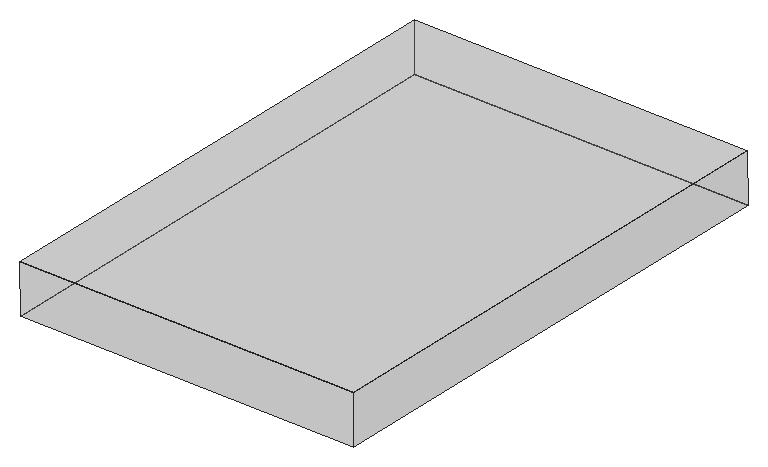
Revit family "3DZone", category Generic Models, Revit 2023
Family settings
  Can host rebar = No
  Round Connector Dimension = Use Diameter
  Part Type = Normal
  Work Plane-Based = No
  Always vertical = Yes
  Cut with Voids When Loaded = No
  Maintain Annotation Orientation = No
  Shared = No
  Room Calculation Point = No
Parameters (values of type "3DZone")
  URL = ""
  ExtrusionStart [instance] = -Bottom Offset  # 0 mm
  ExtrusionEnd [instance] = Top Offset  # 2000 mm
  Material = 3DZone
  Default Elevation = 0 mm
  Bottom Offset [instance] = 0 mm
  Top Offset [instance] = 2000 mm
Reference planes
  plane 1 "Center (Front/Back)": y = 0
  plane 2: z = 0
  plane 3 "Center (Left/Right)": x = 0
  plane 4 "BottomPlane": z = 0
  plane 5 "TopPlane": z = 2000
Forms (mm)
  Extrusion 1, solid, material "3DZone" <- "Material"
    sketch origin (0, 0, 0) x (0, 1, 0) y (-1, 0, 0)
      loop
        line (0, 0) -> (0, -13500) -> (20000, -13500) -> (20000, 0) -> (0, 0)
    from 0 <- "ExtrusionStart" to 2000 <- "ExtrusionEnd"
Lines and regions (mm)
  symbolic lines
    curve 1: line (0, 0, 2000) -> (0, -2000, 2000)
    curve 2: line (0, 0, 2000) -> (0, 0, 0)
    curve 3: line (0, -2000, 0) -> (0, -2000, 2000)
    curve 4: line (0, 0, 0) -> (0, -2000, 0)
  symbolic lines, style "GenericModelHiddenLines"
    curve 5: line (0, 0, 0) -> (13500, 0, 0)
    curve 6: line (13500, 0, 0) -> (13500, 20000, 0)
    curve 7: line (13500, 20000, 0) -> (0, 20000, 0)
    curve 8: line (0, 20000, 0) -> (0, 0, 0)
Dimensions and locks
  "Top Offset": plane 5 "TopPlane" to level
  "Bottom Offset": level to plane 4 "BottomPlane"
  aligned and locked: plane 5 "TopPlane" to curve 1
  aligned and locked: plane 1 "Center (Front/Back)" to curve 2
  aligned and locked: plane 4 "BottomPlane" to curve 4
Automatic sketch dimensions
  plane 1 "Center (Front/Back)" to curve 4 = 2000 mm
  plane 1 "Center (Front/Back)" to Extrusion 1 sketch curve = 0 mm
  Extrusion 1 sketch curve to plane 3 "Center (Left/Right)" = 0 mm
  Extrusion 1 sketch curve to plane 1 "Center (Front/Back)" = 20000 mm
  plane 3 "Center (Left/Right)" to Extrusion 1 sketch curve = 13500 mm
  plane 1 "Center (Front/Back)" to curve 5 = 0 mm
  curve 7 to plane 3 "Center (Left/Right)" = 0 mm
  curve 7 to plane 1 "Center (Front/Back)" = 20000 mm
  plane 3 "Center (Left/Right)" to curve 7 = 13500 mm
